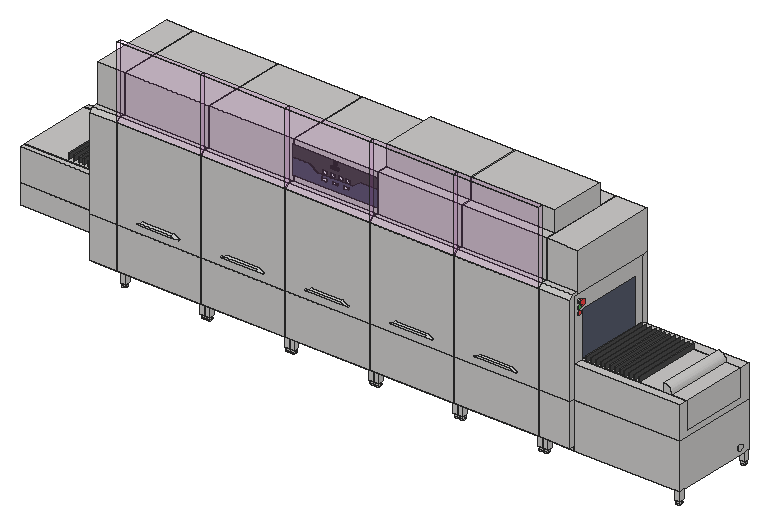
Revit family "QF_ELECTROLUXPROFESSIONAL_520123_EFTD082EL2U2D1M5EL386", category Attrezzature speciali, Revit 2020
Family settings
  Quota connettore circolare = Usa diametro
  Tipo di parte = Normale
  Basato su piano di lavoro = No
  Sempre verticale = Sì
  Taglio con vuoti quando caricato = No
  Condiviso = No
  Punto di calcolo locali = No
Parameters (values of type "Standard")
  Weight = 1381.00 kg
  Watts = 66700 W
  Volts = 380 V
  URL Manufacturer = "https://www.electroluxprofessional.com/"
  URL = "https://www.electroluxprofessional.com/"
  Steam Supply Size = 0 mm
  Steam Supply Minimum Pressure = 0.0 Pa
  Steam Supply Maximum Pressure = 0.0 Pa
  Steam Consumption per Hour = 0
  Show Logo [instance] = yes
  Show Clearance [instance] = yes
  Refrigeration Suction Line Size = 0 mm
  Refrigeration Liquid Line Size = 0 mm
  Refrigerant Compressor Remote = yes
  Prospetto di default = 0 mm
  Produttore = "Electrolux Professional"
  Phase = 3
  Modello = "EFTD082EL2U2D1M5EL386"
  Length Actual = 6250 mm  # constant formula
  Item Number = "520123"
  Hot Water Size = 0 mm
  Height Actual = 1983 mm  # constant formula
  HP = "89.4 HP"
  Gas Size = 0 mm
  Gas KW = 0
  Gas Input Pressure = 0 W
  Direct Waste Size = 50.8 mm
  Descrizione = "FT, 3TANKS, 8200D/H, EL., 950MM LOADING, 1300MM UNLOADING, 1DRYER, 55MM CONVEYOR,ESD,L>R,380V60HZ3P"
  Depth Actual = 946 mm  # constant formula
  Cycle = 60 Hz
  Condensate Return Size = 0 mm
  Compressed Air Volume = 0.0 L/s
  Compressed Air Size = 0 mm
  Compressed Air Pressure = 0.0 Pa
  Cold Water Size = 0 mm
  Accessory = yes
Reference planes
  plane 1 "Centro (Fronte/Retro)": y = 0
  plane 2: z = 0
  plane 3 "Centro (Sinistra/Destra)": x = 0
  plane 4: z = 115
Forms (mm)
  Extrusion 1, solid, material "QF_Finishes_Stainless Steel"
    sketch origin (2232.404, 2, 1806.023) x (1, 0, 0) y (0, 0, 1)
      loop
        line (407.596, -163.023) -> (407.596, -183.023) -> (427.596, -183.023) -> (427.596, -163.023) -> (407.596, -163.023)
    from 0 to 2
  Extrusion 2, solid, material "QF_Finishes_Stainless Steel"
    sketch origin (6255.617, -934.464, 1290.159) x (0, 0, -1) y (0, -1, 0)
      loop
        circle (1102.159, -772.464) r 25
    from -9.383 to 5.617
  Extrusion 3, solid, material "QF_Finishes_Stainless Steel"
    sketch origin (2892.404, 2, 337.984) x (1, 0, 0) y (0, 0, 1)
      loop
        line (407.596, -163.023) -> (407.596, -183.023) -> (427.596, -183.023) -> (427.596, -163.023) -> (407.596, -163.023)
    from 0 to 2
  Extrusion 4, solid, material "QF_Finishes_Stainless Steel"
    sketch origin (2697.841, 200.464, 109.383) x (1, 0, 0) y (0, 1, 0)
      loop
        circle (1102.159, -772.464) r 10
    from -9.383 to 5.617
Dimensions and locks
  plane 4 to level = 115 mm
  aligned and locked: level to plane 2
Nested families
  nested 1: "MODULO_CENTER_800_FAN" at (3733.563, -388.258, 0), Show Clearance <- "Show Clearance", type "MODULO_CENTER_800_FAN"
    with Show Logo yes, Show Clearance yes, R_L no, L_R yes
  nested 2: "MODULO_CENTER_800_FAN" at (4533.563, -388.258, 0), Show Clearance <- "Show Clearance", type "MODULO_CENTER_800_FAN"
    with Show Logo yes, Show Clearance yes, R_L no, L_R yes
  nested 3: "MODULO_CENTER_800" at (2933.563, -388.258, 0), Show Clearance <- "Show Clearance", type "MODULO_CENTER_800"
    with Show Logo yes, Show Clearance yes, R_L no, L_R yes
  nested 4: "MODULO_ENTRY_DISH_950" at (558.563, -388.258, 0), type "MODULO_ENTRY_DISH_950"
    with Show Logo yes, Show Clearance yes, R_L no, L_R yes
  nested 5: "MODULO_USCITA_DISH_1300" at (5308.563, -388.258, 0), type "MODULO_USCITA_DISH_1300"
    with Show Logo yes, Show Clearance yes, R_L yes, L_R no
  nested 6: "Piedino_Square_115H" at (6226.5, -73.5, 0) x (-1, 0, 0) z (0, 0, 1), type "Piedino_Square_115H"
  nested 7: "Piedino_Square_115H" at (6226.5, -838.5, 0) x (-1, 0, 0) z (0, 0, 1), type "Piedino_Square_115H"
  nested 8: "Piedino_Square_115H" at (4973.5, -73.5, 0) x (-1, 0, 0) z (0, 0, 1), type "Piedino_Square_115H"
  nested 9: "Piedino_Square_115H" at (4973.5, -838.5, 0) x (-1, 0, 0) z (0, 0, 1), type "Piedino_Square_115H"
  nested 10: "Piedino_Square_115H" at (3373.5, -838.5, 0), type "Piedino_Square_115H"
  nested 11: "Piedino_Square_115H" at (3373.5, -73.5, 0), type "Piedino_Square_115H"
  nested 12: "Piedino_Square_115H" at (4126.5, -838.5, 0), type "Piedino_Square_115H"
  nested 13: "Piedino_Square_115H" at (4126.5, -73.5, 0), type "Piedino_Square_115H"
  nested 14: "Piedino_Square_115H" at (4173.5, -838.5, 0) x (-1, 0, 0) z (0, 0, 1), type "Piedino_Square_115H"
  nested 15: "Piedino_Square_115H" at (4173.5, -73.5, 0) x (-1, 0, 0) z (0, 0, 1), type "Piedino_Square_115H"
  nested 16: "Piedino_Square_115H" at (4926.5, -838.5, 0) x (-1, 0, 0) z (0, 0, 1), type "Piedino_Square_115H"
  nested 17: "Piedino_Square_115H" at (4926.5, -73.5, 0) x (-1, 0, 0) z (0, 0, 1), type "Piedino_Square_115H"
  nested 18: "Piedino_Square_115H" at (2573.5, -838.5, 0), type "Piedino_Square_115H"
  nested 19: "Piedino_Square_115H" at (2573.5, -73.5, 0), type "Piedino_Square_115H"
  nested 20: "Piedino_Square_115H" at (3326.5, -838.5, 0), type "Piedino_Square_115H"
  nested 21: "Piedino_Square_115H" at (3326.5, -73.5, 0), type "Piedino_Square_115H"
  nested 22: "MANIGLIA_FLIGHT_400" at (2950, -912, 639.28) x (1, 0, 0) z (0, -1, 0), type "MANIGLIA_FLIGHT_400"
  nested 23: "MANIGLIA_FLIGHT_400" at (4550, -912, 639.28) x (1, 0, 0) z (0, -1, 0), type "MANIGLIA_FLIGHT_400"
  nested 24: "MANIGLIA_FLIGHT_400" at (3750, -912, 639.28) x (1, 0, 0) z (0, -1, 0), type "MANIGLIA_FLIGHT_400"
  nested 25: "MODULO_CENTER_800" at (2166.437, -388.258, 0) x (-1, 0, 0) z (0, 0, 1), Show Clearance <- "Show Clearance", type "MODULO_CENTER_800"
    with Show Logo yes, Show Clearance yes, R_L no, L_R yes
  nested 26: "Piedino_Square_115H" at (2526.5, -838.5, 0) x (-1, 0, 0) z (0, 0, 1), type "Piedino_Square_115H"
  nested 27: "Piedino_Square_115H" at (2526.5, -73.5, 0) x (-1, 0, 0) z (0, 0, 1), type "Piedino_Square_115H"
  nested 28: "Piedino_Square_115H" at (1773.5, -838.5, 0) x (-1, 0, 0) z (0, 0, 1), type "Piedino_Square_115H"
  nested 29: "Piedino_Square_115H" at (1773.5, -73.5, 0) x (-1, 0, 0) z (0, 0, 1), type "Piedino_Square_115H"
  nested 30: "MANIGLIA_FLIGHT_400" at (2150, -912, 639.28) x (-1, 0, 0) z (0, -1, 0), type "MANIGLIA_FLIGHT_400"
  nested 31: "MODULO_CENTER_800" at (1333.563, -388.258, 0), Show Clearance <- "Show Clearance", type "MODULO_CENTER_800"
    with Show Logo yes, Show Clearance yes, R_L no, L_R yes
  nested 32: "Piedino_Square_115H" at (973.5, -838.5, 0), type "Piedino_Square_115H"
  nested 33: "Piedino_Square_115H" at (973.5, -73.5, 0), type "Piedino_Square_115H"
  nested 34: "Piedino_Square_115H" at (1726.5, -838.5, 0), type "Piedino_Square_115H"
  nested 35: "Piedino_Square_115H" at (1726.5, -73.5, 0), type "Piedino_Square_115H"
  nested 36: "MANIGLIA_FLIGHT_400" at (1350, -912, 639.28) x (1, 0, 0) z (0, -1, 0), type "MANIGLIA_FLIGHT_400"
  nested 37: "Schermo_Flight_800" at (2950, -815, 1593.033) x (1, 0, 0) z (0, -1, 0), type "Schermo_Flight_800"
  nested 38: "ELX_LOGO_WORDS_WHITE" at (2950, -816.6, 1683.033) x (1, 0, 0) z (0, -1, 0), Show Logo <- "Show Logo", visible <- "Show Logo", type "ELX_LOGO_WORDS_WHITE"
    with Show Logo yes
  nested 39: "ELX_LOGO_MONO_SMALL_WHITE" at (2940.08, -816.6, 1669.033) x (-1, 0, 0) z (0, -1, 0), Show Logo <- "Show Logo", visible <- "Show Logo", type "ELX_LOGO_MONO_SMALL_WHITE"
    with Show Logo yes
Connectors
  electrical at (2650, 2, 1633)
    settings: on Extrusion 1, index 69, voltage 0 V, apparent load 0 VA, apparent load phase1 0 VA, apparent load phase2 0 VA, apparent load phase3 0 VA, power factor 1, load classification "Altro", number of poles 1, system type 30, power factor state 1, is connector primary yes, connector utility no, sub classification motor no, connector description "EI"
  piping at (6265, -162, 188), diameter 50
    settings: on Extrusion 2, index 70, connector inside diameter 609.6 mm, connector length 0 mm, flow factor 0, pipe flow 0.0 L/s, pressure drop 0.0 Pa, fitting loss kfactor 0, connector angle 0.00°, fixture units 0, engagement length 0 mm, angle of deflection 0.00°, flow configuration 0, flow direction 0, fitting loss method 0, system type 29, joint type 0, gender type 0, connector reference index -1, connector utility 0, adjustable connector no, is connector primary yes, connector description "D"
  electrical at (3310, 2, 164.961)
    settings: on Extrusion 3, index 71, voltage 0 V, apparent load 0 VA, apparent load phase1 0 VA, apparent load phase2 0 VA, apparent load phase3 0 VA, power factor 1, load classification "Altro", number of poles 1, system type 30, power factor state 1, is connector primary no, connector utility no, sub classification motor no, connector description "EQ"
  piping at (3800, -572, 100), diameter 19.1
    settings: on Extrusion 4, index 72, connector inside diameter 609.6 mm, connector length 0 mm, flow factor 0, pipe flow 0.0 L/s, pressure drop 0.0 Pa, fitting loss kfactor 0, connector angle 0.00°, fixture units 0, engagement length 0 mm, angle of deflection 0.00°, flow configuration 0, flow direction 0, fitting loss method 0, system type 29, joint type 0, gender type 0, connector reference index -1, connector utility 0, adjustable connector no, is connector primary no, connector description "HWI/CWI"
Definition of nested family "MODULO_CENTER_800_FAN"
  Parameters (values of type "MODULO_CENTER_800_FAN")
    URL = "http://professional.electrolux.com"
    Show Logo [instance] = yes
    R_L [instance] = not(L_R)  # no
    Default Elevation = 0 mm
    Manufacturer = "Electrolux"
    Model = "ESR10E5"
    Length Actual = 800 mm
    Show Clearance [instance] = yes
    L_R [instance] = yes
    Height Actual = 1792 mm
    Description = "SINGLE RINSE RT, 100R/H, ELECTRIC 50HZ"
    Depth Actual = 912 mm
  Reference planes
    plane 1 "Center X": y = -67.742
    plane 2: z = 0
    plane 3 "LEFT": x = -383.563
    plane 4 "RIGHT": x = 416.437
    plane 5 "BACK": y = 388.258
    plane 6 "FEET": z = 115
    plane 7: z = 2092
    plane 8 "TOP": z = 1792
    plane 9 "FRONT": y = -523.742
    plane 10 "Left/Right": x = 16.437
    plane 11 "TopVent": z = 1983
  Forms (mm)
    Extrusion 1, solid
      sketch origin (416.437, 479.936, 4000) x (0, 1, 0) y (0, 0, 1)
        loop
          line (-91.678, -2208) -> (-906.678, -2208) -> (-906.678, -2580) -> (-91.678, -2580) -> (-91.678, -2208)
      from -800 to 0
    Extrusion 2, solid
      sketch origin (-383.563, 437.565, 3910) x (0, 1, 0) y (0, 0, 1)
        loop
          line (-99.307, -2490) -> (-911.307, -2490) -> (-911.307, -3552) -> (-99.307, -3552) -> (-99.307, -2490)
      from 800 to 0
    Extrusion 3, solid
      sketch origin (416.437, 479.936, 4299) x (0, 1, 0) y (0, 0, 1)
        loop
          line (-278.21, -2316) -> (-803.678, -2316) -> (-803.678, -2507) -> (-278.21, -2507) -> (-278.21, -2316)
      from -800 to 0
    Extrusion 4, solid
      sketch origin (16.437, 0, 1.5) x (0, 0, 1) y (0, -1, 0)
        loop
          line (356.5, -338.258) -> (356.5, 473.742) -> (113.5, 473.742) -> (113.5, -338.258) -> (356.5, -338.258)
      from 400 to -400
    Extrusion 5, solid
      sketch origin (16.437, 0, 0) x (0, 0, 1) y (0, -1, 0)
        loop
          line (1420, -338.258) -> (545, -338.258) -> (545, -388.258) -> (1420, -388.258) -> (1420, -338.258)
      from -400 to 400
    Extrusion 6, solid
      sketch origin (16.437, 0, 0) x (0, 0, 1) y (0, -1, 0)
        loop
          line (545, -388.258) -> (545, -338.258) -> (154, -338.258) -> (154, -388.258) -> (545, -388.258)
      from -400 to 400
    Extrusion 7, solid
      sketch origin (16.437, -882.484, -150) x (0, -1, 0) y (0, 0, 1)
        loop
          line (-358.742, 304) -> (-358.742, 695) -> (-408.742, 695) -> (-408.742, 304) -> (-358.742, 304)
      from -400 to 400
    Extrusion 8, solid
      sketch origin (16.437, -882.484, -151) x (0, -1, 0) y (0, 0, 1)
        loop
          line (-408.742, 1571) -> (-408.742, 696) -> (-358.742, 696) -> (-358.742, 1556) -> (-395.742, 1593) -> (-443.742, 1593) -> (-443.742, 1571) -> (-408.742, 1571)
      from -400 to 400
    Extrusion 9, solid, visible <- "Show Clearance"
      sketch origin (16.437, -882.484, 452) x (0, -1, 0) y (0, 0, 1)
        loop
          line (-408.742, 1640) -> (-408.742, 953.624) -> (-358.742, 953.624) -> (-358.742, 1640) -> (-408.742, 1640)
      from -400 to 400
  Dimensions and locks
    plane 3 "LEFT" to plane 4 "RIGHT" = 800 mm
    plane 5 "BACK" to plane 1 "Center X" to plane 9 "FRONT" = 456 mm, 456 mm
    plane 6 "FEET" to level = 115 mm  (x2)
    plane 6 "FEET" to plane 8 "TOP" = 1677 mm
    plane 5 "BACK" to plane 9 "FRONT" = 912 mm  (x2)
    plane 4 "RIGHT" to plane 3 "LEFT" = 800 mm
    plane 9 "FRONT" to plane 5 "BACK" = 912 mm
    level to plane 8 "TOP" = 1792 mm  (x2)
    plane 7 to level = 2092 mm
    plane 11 "TopVent" to plane 2 = 1983 mm
    plane 7 to plane 2 = 2092 mm
    Extrusion 2 to level = 1420 mm
    Extrusion 8 to level = 1442 mm
    plane 11 "TopVent" to level = 1983 mm
    aligned and locked: level to plane 2
Definition of nested family "MODULO_CENTER_800"
  Parameters (values of type "MODULO_CENTER_800")
    URL = "http://professional.electrolux.com"
    Show Logo [instance] = yes
    R_L [instance] = not(L_R)  # no
    Default Elevation = 0 mm
    Manufacturer = "Electrolux"
    Model = "ESR10E5"
    Length Actual = 800 mm
    Show Clearance [instance] = yes
    L_R [instance] = yes
    Height Actual = 1792 mm
    Description = "SINGLE RINSE RT, 100R/H, ELECTRIC 50HZ"
    Depth Actual = 912 mm
  Reference planes
    plane 1 "Center X": y = -67.742
    plane 2: z = 0
    plane 3 "LEFT": x = -383.563
    plane 4 "RIGHT": x = 416.437
    plane 5 "BACK": y = 388.258
    plane 6 "FEET": z = 115
    plane 7: z = 2092
    plane 8 "TOP": z = 1792
    plane 9 "FRONT": y = -523.742
    plane 10 "Left/Right": x = 16.437
  Forms (mm)
    Extrusion 1, solid
      sketch origin (416.437, 479.936, 4000) x (0, 1, 0) y (0, 0, 1)
        loop
          line (-91.678, -2208) -> (-906.678, -2208) -> (-906.678, -2580) -> (-91.678, -2580) -> (-91.678, -2208)
      from -800 to 0
    Extrusion 2, solid
      sketch origin (-383.563, 437.565, 3915) x (0, 1, 0) y (0, 0, 1)
        loop
          line (-99.307, -2495) -> (-911.307, -2495) -> (-911.307, -3557) -> (-99.307, -3557) -> (-99.307, -2495)
      from 800 to 0
    Extrusion 3, solid
      sketch origin (16.437, 0, 1.5) x (0, 0, 1) y (0, -1, 0)
        loop
          line (356.5, -338.258) -> (356.5, 473.742) -> (113.5, 473.742) -> (113.5, -338.258) -> (356.5, -338.258)
      from 400 to -400
    Extrusion 4, solid
      sketch origin (16.437, 0, 0) x (0, 0, 1) y (0, -1, 0)
        loop
          line (1420, -338.258) -> (545, -338.258) -> (545, -388.258) -> (1420, -388.258) -> (1420, -338.258)
      from -400 to 400
    Extrusion 5, solid
      sketch origin (16.437, 0, 0) x (0, 0, 1) y (0, -1, 0)
        loop
          line (545, -388.258) -> (545, -338.258) -> (154, -338.258) -> (154, -388.258) -> (545, -388.258)
      from -400 to 400
    Extrusion 6, solid
      sketch origin (16.437, -882.484, -150) x (0, -1, 0) y (0, 0, 1)
        loop
          line (-358.742, 304) -> (-358.742, 695) -> (-408.742, 695) -> (-408.742, 304) -> (-358.742, 304)
      from -400 to 400
    Extrusion 7, solid
      sketch origin (16.437, -882.484, -151) x (0, -1, 0) y (0, 0, 1)
        loop
          line (-408.742, 1571) -> (-408.742, 696) -> (-358.742, 696) -> (-358.742, 1556) -> (-395.742, 1593) -> (-443.742, 1593) -> (-443.742, 1571) -> (-408.742, 1571)
      from -400 to 400
    Extrusion 8, solid, visible <- "Show Clearance"
      sketch origin (16.437, -882.484, 452) x (0, -1, 0) y (0, 0, 1)
        loop
          line (-408.742, 1640) -> (-408.742, 953.624) -> (-358.742, 953.624) -> (-358.742, 1640) -> (-408.742, 1640)
      from -400 to 400
  Dimensions and locks
    plane 3 "LEFT" to plane 4 "RIGHT" = 800 mm
    plane 5 "BACK" to plane 1 "Center X" to plane 9 "FRONT" = 456 mm, 456 mm
    plane 6 "FEET" to level = 115 mm  (x2)
    plane 6 "FEET" to plane 8 "TOP" = 1677 mm
    plane 5 "BACK" to plane 9 "FRONT" = 912 mm  (x2)
    plane 4 "RIGHT" to plane 3 "LEFT" = 800 mm
    plane 9 "FRONT" to plane 5 "BACK" = 912 mm
    level to plane 8 "TOP" = 1792 mm  (x2)
    plane 7 to level = 2092 mm
    plane 7 to plane 2 = 2092 mm
    Extrusion 2 to level = 1420 mm
    Extrusion 7 to level = 1442 mm
    aligned and locked: level to plane 2
Definition of nested family "MODULO_ENTRY_DISH_950"
  Parameters (values of type "MODULO_ENTRY_DISH_950")
    URL = "http://professional.electrolux.com"
    Show Logo [instance] = yes
    R_L [instance] = not(L_R)  # no
    Default Elevation = 0 mm
    Manufacturer = "Electrolux"
    Model = "ESR10E5"
    Length Actual = 800 mm
    Show Clearance [instance] = yes
    L_R [instance] = yes
    Height Actual = 1792 mm
    Description = "SINGLE RINSE RT, 100R/H, ELECTRIC 50HZ"
    Depth Actual = 912 mm
  Reference planes
    plane 1 "Center (Front/Back)": y = -67.742
    plane 2: z = 0
    plane 3 "LEFT": x = -558.563
    plane 4 "RIGHT": x = 391.437
    plane 5 "BACK": y = 388.258
    plane 6 "FRONT": y = -523.742
    plane 7 "BUTTONS": y = -427.742
    plane 8: z = 115
    plane 9 "2": y = 292.258
  Forms (mm)
    Extrusion 1, solid, visible <- "L_R"
      sketch origin (391.437, 479.936, 4000) x (0, 1, 0) y (0, 0, 1)
        loop
          line (-91.678, -2208) -> (-906.678, -2208) -> (-906.678, -2580) -> (-91.678, -2580) -> (-91.678, -2208)
      from -250 to 0
    Extrusion 2, solid
      sketch origin (-358.563, 437.565, 3910) x (0, 1, 0) y (0, 0, 1)
        loop
          line (-99.307, -2490) -> (-911.307, -2490) -> (-911.307, -3552) -> (-99.307, -3552) -> (-99.307, -2490)
      from 750 to 500
    Extrusion 3, solid
      sketch origin (-558.563, 437.565, 3910) x (0, 1, 0) y (0, 0, 1)
        loop
          line (-99.307, -3365) -> (-99.307, -3060) -> (-149.307, -3060) -> (-149.307, -3315) -> (-861.307, -3315) -> (-861.307, -3060) -> (-911.307, -3060) -> (-911.307, -3365) -> (-99.307, -3365)
      from 700 to 0
    Extrusion 4, solid
      sketch origin (16.437, 0, -4.987) x (0, 0, 1) y (0, -1, 0)
        loop
          line (362.987, -338.258) -> (362.987, 473.742) -> (119.987, 473.742) -> (119.987, -338.258) -> (362.987, -338.258)
      from 375 to 125
    Extrusion 5, solid, visible <- "L_R"
      sketch origin (16.437, 0, 0) x (0, 0, 1) y (0, -1, 0)
        loop
          line (1420, -338.258) -> (545, -338.258) -> (545, -388.258) -> (1420, -388.258) -> (1420, -338.258)
      from 125 to 375
    Extrusion 6, solid
      sketch origin (16.437, 0, 0) x (0, 0, 1) y (0, -1, 0)
        loop
          line (545, -388.258) -> (545, -338.258) -> (154, -338.258) -> (154, -388.258) -> (545, -388.258)
      from 125 to 375
    Extrusion 7, solid
      sketch origin (-558.563, 437.565, 3607.258) x (0, 1, 0) y (0, 0, 1)
        loop
          line (-99.307, -3249.258) -> (-99.307, -3062.258) -> (-911.307, -3062.258) -> (-911.307, -3249.258) -> (-99.307, -3249.258)
      from 700 to 0
    Extrusion 8, solid
      sketch origin (-558.563, 437.565, 4000) x (0, 1, 0) y (0, 0, 1)
        loop
          line (-149.307, -3150) -> (-861.307, -3150) -> (-861.307, -3405) -> (-149.307, -3405) -> (-149.307, -3150)
      from 0 to 700
    Extrusion 9, solid
      sketch origin (266.437, -882.484, -150) x (0, -1, 0) y (0, 0, 1)
        loop
          line (-358.742, 304) -> (-358.742, 695) -> (-408.742, 695) -> (-408.742, 304) -> (-358.742, 304)
      from -125 to 125
    Extrusion 10, solid, visible <- "L_R"
      sketch origin (266.437, -882.484, -151) x (0, -1, 0) y (0, 0, 1)
        loop
          line (-408.742, 1571) -> (-408.742, 696) -> (-358.742, 696) -> (-358.742, 1556) -> (-395.742, 1593) -> (-443.742, 1593) -> (-443.742, 1571) -> (-408.742, 1571)
      from -125 to 125
    Extrusion 11, solid
      sketch origin (-358.563, 437.565, 4000) x (0, 1, 0) y (0, 0, 1)
        loop
          line (-199.307, -2725.701) -> (-811.307, -2725.701) -> (-811.307, -3137.701) -> (-199.307, -3137.701) -> (-199.307, -2725.701)
      from 495.458 to 500
    Extrusion 12, solid, visible <- "R_L"
      sketch origin (266.437, 747, -151) x (0, 1, 0) y (0, 0, -1)
        loop
          line (-408.742, -1571) -> (-443.742, -1571) -> (-443.742, -1593) -> (-395.742, -1593) -> (-358.742, -1556) -> (-358.742, -696) -> (-408.742, -696) -> (-408.742, -1571)
      from -125 to 125
    Extrusion 13, solid, visible <- "R_L"
      sketch origin (16.437, -135.484, 0) x (0, 0, 1) y (0, -1, 0)
        loop
          line (1420, 338.258) -> (1420, 388.258) -> (545, 388.258) -> (545, 338.258) -> (1420, 338.258)
      from 125 to 375
    Extrusion 14, solid, visible <- "R_L"
      sketch origin (391.437, -615.42, 4000) x (0, -1, 0) y (0, 0, -1)
        loop
          line (-91.678, 2208) -> (-91.678, 2580) -> (-906.678, 2580) -> (-906.678, 2208) -> (-91.678, 2208)
      from -250 to 0
    Extrusion 15, solid
      sketch origin (-191.477, -192.742, -3) x (-1, 0, 0) y (0, 0, 1)
        loop
          line (-26.676, 853) -> (-26.676, 898) -> (-36.676, 898) -> (-36.676, 853) -> (-26.676, 853)
      from -196 to 446
    Extrusion 16, solid
      sketch origin (-146.477, -192.742, -3) x (-1, 0, 0) y (0, 0, 1)
        loop
          line (-26.676, 853) -> (-26.676, 898) -> (-36.676, 898) -> (-36.676, 853) -> (-26.676, 853)
      from -196 to 446
    Extrusion 17, solid
      sketch origin (-101.477, -192.742, -3) x (-1, 0, 0) y (0, 0, 1)
        loop
          line (-26.676, 853) -> (-26.676, 898) -> (-36.676, 898) -> (-36.676, 853) -> (-26.676, 853)
      from -196 to 446
    Extrusion 18, solid
      sketch origin (-56.477, -192.742, -3) x (-1, 0, 0) y (0, 0, 1)
        loop
          line (-26.676, 853) -> (-26.676, 898) -> (-36.676, 898) -> (-36.676, 853) -> (-26.676, 853)
      from -196 to 446
    Extrusion 19, solid
      sketch origin (-11.477, -192.742, -3) x (-1, 0, 0) y (0, 0, 1)
        loop
          line (-26.676, 853) -> (-26.676, 898) -> (-36.676, 898) -> (-36.676, 853) -> (-26.676, 853)
      from -196 to 446
    Extrusion 20, solid
      sketch origin (33.523, -192.742, -3) x (-1, 0, 0) y (0, 0, 1)
        loop
          line (-26.676, 853) -> (-26.676, 898) -> (-36.676, 898) -> (-36.676, 853) -> (-26.676, 853)
      from -196 to 446
  Dimensions and locks
    plane 3 "LEFT" to plane 4 "RIGHT" = 950 mm
    plane 5 "BACK" to plane 1 "Center (Front/Back)" to plane 6 "FRONT" = 456 mm, 456 mm
    plane 5 "BACK" to plane 6 "FRONT" = 912 mm  (x2)
    plane 4 "RIGHT" to plane 3 "LEFT" = 950 mm  (x2)
    plane 6 "FRONT" to plane 5 "BACK" = 912 mm
    plane 8 to level = 115 mm
    Extrusion 1 to level = 1792 mm
    Extrusion 3 to level = 850 mm
    aligned and locked: level to plane 2
  Nested families
    nested 1: "BOTTONE_RED_STOP" at (141.437, -427.742, 1266.906) x (0, -1, 0) z (-1, 0, 0), visible <- "L_R", type "BOTTONE_RED_STOP"
    nested 2: "BOTTONE_EMERGENCY_STOP" at (141.437, -427.742, 1370) x (0, -1, 0) z (-1, 0, 0), visible <- "L_R", type "BOTTONE_EMERGENCY_STOP"
    nested 3: "BOTTONE_GREEN_START" at (141.437, -427.742, 1316.906) x (0, -1, 0) z (-1, 0, 0), visible <- "L_R", type "BOTTONE_GREEN_START"
    nested 4: "BOTTONE_RED_STOP" at (141.437, 292.258, 1267.906) x (0, 1, 0) z (-1, 0, 0), visible <- "R_L", type "BOTTONE_RED_STOP"
    nested 5: "BOTTONE_EMERGENCY_STOP" at (141.437, 292.258, 1371) x (0, 1, 0) z (-1, 0, 0), visible <- "R_L", type "BOTTONE_EMERGENCY_STOP"
    nested 6: "BOTTONE_GREEN_START" at (141.437, 292.258, 1317.906) x (0, 1, 0) z (-1, 0, 0), visible <- "R_L", type "BOTTONE_GREEN_START"
  Definition of nested family "BOTTONE_RED_STOP"
    Parameters (values of type "BOTTONE_RED_STOP")
      Default Elevation = 1219.2 mm
    Reference planes
      plane 1 "Centro (Fronte/Retro)": y = 0
      plane 2: z = 0
      plane 3 "Centro (Sinistra/Destra)": x = 0
    Forms (mm)
      Extrusion 1, solid
        sketch origin (0, 0, 0) x (1, 0, 0) y (0, 1, 0)
          loop
            line (-1219.2, 1219.2) -> (-1219.2, -1219.2) -> (1219.2, -1219.2) -> (1219.2, 1219.2) -> (-1219.2, 1219.2)
        from 0 to -304.8
      Extrusion 2, solid
        sketch origin (-367.513, 69.533, 15) x (-1, 0, 0) y (0, 1, 0)
          loop
            circle (-367.513, -69.533) r 15
        from 0 to 15
    Dimensions and locks
      aligned and locked: plane 2 to Extrusion 1
      aligned and locked: level to Extrusion 1
  Definition of nested family "BOTTONE_EMERGENCY_STOP"
    Parameters
      Default Elevation = 1219.2 mm
    Reference planes
      plane 1 "Centro (Fronte/Retro)": y = 0
      plane 2: z = 0
      plane 3 "Centro (Sinistra/Destra)": x = 0
    Forms (mm)
      Extrusion 1, solid
        sketch origin (0, 0, 0) x (1, 0, 0) y (0, 1, 0)
          loop
            line (-1219.2, 1219.2) -> (-1219.2, -1219.2) -> (1219.2, -1219.2) -> (1219.2, 1219.2) -> (-1219.2, 1219.2)
        from 0 to -304.8
      Extrusion 2, solid
        sketch origin (0, 0, 0) x (1, 0, 0) y (0, 1, 0)
          loop
            circle (0, 0) r 15
        from 0 to 20.273
      Blend 3, solid
        base sketch origin (-49.801, 0, 0) x (1, 0, 0) y (0, 1, 0)
          loop
            circle (49.801, 0) r 15
        top sketch origin (-49.801, 0, 0) x (1, 0, 0) y (0, 1, 0)
          loop
            circle (49.801, 0) r 25
        from 20.273 to 47.605
    Dimensions and locks
      aligned and locked: plane 2 to Extrusion 1
      aligned and locked: level to Extrusion 1
  Definition of nested family "BOTTONE_GREEN_START"
    Parameters (values of type "BOTTONE_GREEN_START")
      Default Elevation = 1219.2 mm
    Reference planes
      plane 1 "Centro (Fronte/Retro)": y = 0
      plane 2: z = 0
      plane 3 "Centro (Sinistra/Destra)": x = 0
    Forms (mm)
      Extrusion 1, solid
        sketch origin (0, 0, 0) x (1, 0, 0) y (0, 1, 0)
          loop
            line (-1219.2, 1219.2) -> (-1219.2, -1219.2) -> (1219.2, -1219.2) -> (1219.2, 1219.2) -> (-1219.2, 1219.2)
        from 0 to -304.8
      Extrusion 2, solid
        sketch origin (-367.513, 69.533, 15) x (-1, 0, 0) y (0, 1, 0)
          loop
            circle (-367.513, -69.533) r 15
        from 0 to 15
    Dimensions and locks
      aligned and locked: plane 2 to Extrusion 1
      aligned and locked: level to Extrusion 1
Definition of nested family "MODULO_USCITA_DISH_1300"
  Parameters (values of type "MODULO_USCITA_DISH_1300")
    URL = "http://professional.electrolux.com"
    Show Logo [instance] = yes
    R_L [instance] = not(L_R)  # yes
    Default Elevation = 0 mm
    Manufacturer = "Electrolux"
    Model = "ESR10E5"
    Length Actual = 800 mm
    Show Clearance [instance] = yes
    L_R [instance] = no
    Height Actual = 1792 mm
    Description = "SINGLE RINSE RT, 100R/H, ELECTRIC 50HZ"
    Depth Actual = 912 mm
  Reference planes
    plane 1 "Center (Front/Back)": y = -67.742
    plane 2: z = 0
    plane 3 "LEFT": x = -358.563
    plane 4 "BACK": y = 388.258
    plane 5 "FEET": z = 115
    plane 6 "TOP": z = 1792
    plane 7 "FRONT": y = -523.742
    plane 8 "Left/Right": x = 16.437
    plane 9: x = -358.563
    plane 10: y = -427.742
    plane 11 "RIGHT": x = 941.437
  Forms (mm)
    Extrusion 1, solid, visible <- "R_L"
      sketch origin (-358.563, 479.936, 4003) x (0, 1, 0) y (0, 0, -1)
        loop
          line (-91.678, 2211) -> (-91.678, 2583) -> (-906.678, 2583) -> (-906.678, 2211) -> (-91.678, 2211)
      from -300 to 0
    Extrusion 2, solid
      sketch origin (-358.563, 437.565, 4003) x (0, 1, 0) y (0, 0, 1)
        loop
          line (-99.307, -3458) -> (-911.307, -3458) -> (-911.307, -3888) -> (-99.307, -3888) -> (-99.307, -3458)
      from 300 to 0
    Extrusion 3, solid
      sketch origin (-358.563, 479.936, 4003) x (0, 1, 0) y (0, 0, -1)
        loop
          line (-141.678, 2583) -> (-141.678, 3458) -> (-953.678, 3458) -> (-953.678, 2583) -> (-141.678, 2583)
      from -300 to 0
    Extrusion 4, solid
      sketch origin (391.437, 437.565, 3913) x (0, 1, 0) y (0, 0, -1)
        loop
          line (-99.307, 3368) -> (-911.307, 3368) -> (-911.307, 3063) -> (-826.307, 3063) -> (-826.307, 3318) -> (-184.307, 3318) -> (-184.307, 3063) -> (-99.307, 3063) -> (-99.307, 3368)
      from 450 to -550
    Extrusion 5, solid, visible <- "R_L"
      sketch origin (16.437, 0, 3) x (0, 0, 1) y (0, 1, 0)
        loop
          line (1417, 338.258) -> (1417, 388.258) -> (542, 388.258) -> (542, 338.258) -> (1417, 338.258)
      from 75 to 375
    Extrusion 6, solid
      sketch origin (16.437, 0, 3) x (0, 0, 1) y (0, 1, 0)
        loop
          line (542, 388.258) -> (151, 388.258) -> (151, 338.258) -> (542, 338.258) -> (542, 388.258)
      from 75 to 375
    Extrusion 7, solid
      sketch origin (391.437, 437.565, 3610.258) x (0, 1, 0) y (0, 0, -1)
        loop
          line (-99.307, 3495.258) -> (-911.307, 3495.258) -> (-911.307, 3065.258) -> (-99.307, 3065.258) -> (-99.307, 3495.258)
      from 450 to -550
    Extrusion 8, solid
      sketch origin (991.437, 0, 3) x (0, 1, 0) y (0, 0, 1)
        loop
          line (253.258, 847) -> (-388.742, 847) -> (-388.742, 592) -> (253.258, 592) -> (253.258, 847)
      from -50 to -1050
    Extrusion 9, solid
      sketch origin (-358.563, 437.565, 3928) x (0, 1, 0) y (0, 0, 1)
        loop
          line (-811.307, -3065.701) -> (-199.307, -3065.701) -> (-199.307, -2653.701) -> (-811.307, -2653.701) -> (-811.307, -3065.701)
      from 300 to 304.77
    Extrusion 10, solid
      sketch origin (-208.563, -115, -147) x (0, 1, 0) y (0, 0, 1)
        loop
          line (-358.742, 301) -> (-358.742, 692) -> (-408.742, 692) -> (-408.742, 301) -> (-358.742, 301)
      from -150 to 150
    Extrusion 11, solid, visible <- "R_L"
      sketch origin (-208.563, -882.484, -151) x (0, -1, 0) y (0, 0, 1)
        loop
          line (-408.742, 1571) -> (-408.742, 696) -> (-358.742, 696) -> (-358.742, 1556) -> (-395.742, 1593) -> (-443.742, 1593) -> (-443.742, 1571) -> (-408.742, 1571)
      from -150 to 150
    Extrusion 12, solid
      sketch origin (-39.574, -192.742, -3) x (-1, 0, 0) y (0, 0, 1)
        loop
          line (-26.676, 853) -> (-26.676, 898) -> (-36.676, 898) -> (-36.676, 853) -> (-26.676, 853)
      from -196 to 446
    Extrusion 13, solid
      sketch origin (5.426, -192.742, -3) x (-1, 0, 0) y (0, 0, 1)
        loop
          line (-26.676, 853) -> (-26.676, 898) -> (-36.676, 898) -> (-36.676, 853) -> (-26.676, 853)
      from -196 to 446
    Extrusion 14, solid
      sketch origin (50.426, -192.742, -3) x (-1, 0, 0) y (0, 0, 1)
        loop
          line (-26.676, 853) -> (-26.676, 898) -> (-36.676, 898) -> (-36.676, 853) -> (-26.676, 853)
      from -196 to 446
    Extrusion 15, solid
      sketch origin (95.426, -192.742, -3) x (-1, 0, 0) y (0, 0, 1)
        loop
          line (-26.676, 853) -> (-26.676, 898) -> (-36.676, 898) -> (-36.676, 853) -> (-26.676, 853)
      from -196 to 446
    Extrusion 16, solid
      sketch origin (140.426, -192.742, -3) x (-1, 0, 0) y (0, 0, 1)
        loop
          line (-26.676, 853) -> (-26.676, 898) -> (-36.676, 898) -> (-36.676, 853) -> (-26.676, 853)
      from -196 to 446
    Extrusion 17, solid
      sketch origin (185.426, -192.742, -3) x (-1, 0, 0) y (0, 0, 1)
        loop
          line (-26.676, 853) -> (-26.676, 898) -> (-36.676, 898) -> (-36.676, 853) -> (-26.676, 853)
      from -196 to 446
    Extrusion 18, solid
      sketch origin (230.426, -192.742, -3) x (-1, 0, 0) y (0, 0, 1)
        loop
          line (-26.676, 853) -> (-26.676, 898) -> (-36.676, 898) -> (-36.676, 853) -> (-26.676, 853)
      from -196 to 446
    Extrusion 19, solid
      sketch origin (275.426, -192.742, -3) x (-1, 0, 0) y (0, 0, 1)
        loop
          line (-26.676, 853) -> (-26.676, 898) -> (-36.676, 898) -> (-36.676, 853) -> (-26.676, 853)
      from -196 to 446
    Revolve 20, solid
      sketch origin (295, 0, 850) x (1, 0, 0) y (0, 1, 0)
        loop
          line (430.204, 253.258) -> (430.204, -388.742) -> (502.335, -388.742) -> (502.335, 253.258) -> (430.204, 253.258)
        axis (430.204, 253.258) -> (430.204, -388.742)
      angle from 0 to -90
    Extrusion 21, solid, visible <- "L_R"
      sketch origin (-208.563, 747, -151) x (0, 1, 0) y (0, 0, -1)
        loop
          line (-408.742, -1571) -> (-443.742, -1571) -> (-443.742, -1593) -> (-395.742, -1593) -> (-358.742, -1556) -> (-358.742, -696) -> (-408.742, -696) -> (-408.742, -1571)
      from -150 to 150
    Extrusion 22, solid, visible <- "L_R"
      sketch origin (16.437, -135.484, 3) x (0, 0, 1) y (0, 1, 0)
        loop
          line (1417, -338.258) -> (542, -338.258) -> (542, -388.258) -> (1417, -388.258) -> (1417, -338.258)
      from 75 to 375
    Extrusion 23, solid, visible <- "L_R"
      sketch origin (-358.563, -615.42, 4003) x (0, -1, 0) y (0, 0, 1)
        loop
          line (-91.678, -2211) -> (-906.678, -2211) -> (-906.678, -2583) -> (-91.678, -2583) -> (-91.678, -2211)
      from -300 to 0
    Extrusion 24, solid
      sketch origin (320.426, -192.742, -3) x (-1, 0, 0) y (0, 0, 1)
        loop
          line (-26.676, 853) -> (-26.676, 898) -> (-36.676, 898) -> (-36.676, 853) -> (-26.676, 853)
      from -196 to 446
    Extrusion 25, solid
      sketch origin (365.426, -192.742, -3) x (-1, 0, 0) y (0, 0, 1)
        loop
          line (-26.676, 853) -> (-26.676, 898) -> (-36.676, 898) -> (-36.676, 853) -> (-26.676, 853)
      from -196 to 446
    Extrusion 26, solid
      sketch origin (410.426, -192.742, -3) x (-1, 0, 0) y (0, 0, 1)
        loop
          line (-26.676, 853) -> (-26.676, 898) -> (-36.676, 898) -> (-36.676, 853) -> (-26.676, 853)
      from -196 to 446
    Extrusion 27, solid
      sketch origin (455.426, -192.742, -3) x (-1, 0, 0) y (0, 0, 1)
        loop
          line (-26.676, 853) -> (-26.676, 898) -> (-36.676, 898) -> (-36.676, 853) -> (-26.676, 853)
      from -196 to 446
  Dimensions and locks
    plane 4 "BACK" to plane 1 "Center (Front/Back)" to plane 7 "FRONT" = 456 mm, 456 mm
    plane 5 "FEET" to level = 115 mm  (x2)
    plane 4 "BACK" to plane 7 "FRONT" = 912 mm  (x2)
    plane 7 "FRONT" to plane 4 "BACK" = 912 mm
    level to plane 6 "TOP" = 1792 mm
    plane 3 "LEFT" to plane 8 "Left/Right" = 375 mm
    plane 8 "Left/Right" to plane 11 "RIGHT" = 925 mm
    plane 3 "LEFT" to plane 11 "RIGHT" = 1300 mm
    plane 9 to plane 11 "RIGHT" = 1300 mm
    plane 6 "TOP" to level = 1792 mm
    aligned and locked: level to plane 2
  Nested families
    nested 1: "BOTTONE_EMERGENCY_STOP" at (-58.563, -427.742, 1369) x (0, -1, 0) z (1, 0, 0), visible <- "R_L", type "BOTTONE_EMERGENCY_STOP"
    nested 2: "BOTTONE_GREEN_START" at (-58.563, -427.742, 1315.906) x (0, -1, 0) z (1, 0, 0), visible <- "R_L", type "BOTTONE_GREEN_START"
    nested 3: "BOTTONE_RED_STOP" at (-58.563, -427.742, 1265.906) x (0, -1, 0) z (1, 0, 0), visible <- "R_L", type "BOTTONE_RED_STOP"
    nested 4: "BOTTONE_EMERGENCY_STOP" at (-58.563, 292.258, 1369) x (0, 1, 0) z (1, 0, 0), visible <- "L_R", type "BOTTONE_EMERGENCY_STOP"
    nested 5: "BOTTONE_GREEN_START" at (-58.563, 292.258, 1315.906) x (0, 1, 0) z (1, 0, 0), visible <- "L_R", type "BOTTONE_GREEN_START"
    nested 6: "BOTTONE_RED_STOP" at (-58.563, 292.258, 1265.906) x (0, 1, 0) z (1, 0, 0), visible <- "L_R", type "BOTTONE_RED_STOP"
  Definition of nested family "BOTTONE_EMERGENCY_STOP"
    Parameters
      Default Elevation = 1219.2 mm
    Reference planes
      plane 1 "Centro (Fronte/Retro)": y = 0
      plane 2: z = 0
      plane 3 "Centro (Sinistra/Destra)": x = 0
    Forms (mm)
      Extrusion 1, solid
        sketch origin (0, 0, 0) x (1, 0, 0) y (0, 1, 0)
          loop
            line (-1219.2, 1219.2) -> (-1219.2, -1219.2) -> (1219.2, -1219.2) -> (1219.2, 1219.2) -> (-1219.2, 1219.2)
        from 0 to -304.8
      Extrusion 2, solid
        sketch origin (0, 0, 0) x (1, 0, 0) y (0, 1, 0)
          loop
            circle (0, 0) r 15
        from 0 to 20.273
      Blend 3, solid
        base sketch origin (-49.801, 0, 0) x (1, 0, 0) y (0, 1, 0)
          loop
            circle (49.801, 0) r 15
        top sketch origin (-49.801, 0, 0) x (1, 0, 0) y (0, 1, 0)
          loop
            circle (49.801, 0) r 25
        from 20.273 to 47.605
    Dimensions and locks
      aligned and locked: plane 2 to Extrusion 1
      aligned and locked: level to Extrusion 1
  Definition of nested family "BOTTONE_GREEN_START"
    Parameters (values of type "BOTTONE_GREEN_START")
      Default Elevation = 1219.2 mm
    Reference planes
      plane 1 "Centro (Fronte/Retro)": y = 0
      plane 2: z = 0
      plane 3 "Centro (Sinistra/Destra)": x = 0
    Forms (mm)
      Extrusion 1, solid
        sketch origin (0, 0, 0) x (1, 0, 0) y (0, 1, 0)
          loop
            line (-1219.2, 1219.2) -> (-1219.2, -1219.2) -> (1219.2, -1219.2) -> (1219.2, 1219.2) -> (-1219.2, 1219.2)
        from 0 to -304.8
      Extrusion 2, solid
        sketch origin (-367.513, 69.533, 15) x (-1, 0, 0) y (0, 1, 0)
          loop
            circle (-367.513, -69.533) r 15
        from 0 to 15
    Dimensions and locks
      aligned and locked: plane 2 to Extrusion 1
      aligned and locked: level to Extrusion 1
  Definition of nested family "BOTTONE_RED_STOP"
    Parameters (values of type "BOTTONE_RED_STOP")
      Default Elevation = 1219.2 mm
    Reference planes
      plane 1 "Centro (Fronte/Retro)": y = 0
      plane 2: z = 0
      plane 3 "Centro (Sinistra/Destra)": x = 0
    Forms (mm)
      Extrusion 1, solid
        sketch origin (0, 0, 0) x (1, 0, 0) y (0, 1, 0)
          loop
            line (-1219.2, 1219.2) -> (-1219.2, -1219.2) -> (1219.2, -1219.2) -> (1219.2, 1219.2) -> (-1219.2, 1219.2)
        from 0 to -304.8
      Extrusion 2, solid
        sketch origin (-367.513, 69.533, 15) x (-1, 0, 0) y (0, 1, 0)
          loop
            circle (-367.513, -69.533) r 15
        from 0 to 15
    Dimensions and locks
      aligned and locked: plane 2 to Extrusion 1
      aligned and locked: level to Extrusion 1
Definition of nested family "Piedino_Square_115H"
  Parameters (values of type "Piedino_Square_115H")
    Default Elevation = 0 mm
  Reference planes
    plane 1 "Centro (Fronte/Retro)": y = 0
    plane 2: z = 0
    plane 3 "Centro (Sinistra/Destra)": x = 0
    plane 4: z = 115
  Forms (mm)
    Extrusion 1, solid
      sketch origin (0, 0, 0) x (1, 0, 0) y (0, 1, 0)
        loop
          circle (0, 0) r 23
      from 0 to 5
    Extrusion 2, solid
      sketch origin (0, 0, 5) x (1, 0, 0) y (0, 1, 0)
        loop
          circle (0, 0) r 20
      from 0 to 25.777
    Extrusion 3, solid
      sketch origin (0, 0, 30.777) x (1, 0, 0) y (0, 1, 0)
        loop
          line (-23.5, 23.5) -> (-23.5, -23.5) -> (23.5, -23.5) -> (23.5, 23.5) -> (-23.5, 23.5)
      from 0 to 84.223
  Dimensions and locks
    plane 4 to level = 115 mm  (x2)
    radius of Extrusion 1 sketch curve = 23 mm
    aligned and locked: level to plane 2
    aligned and locked: Extrusion 1 to level
Definition of nested family "MANIGLIA_FLIGHT_400"
  Parameters
    Default Elevation = 1219.2 mm
  Reference planes
    plane 1 "Centro (Fronte/Retro)": y = 0
    plane 2: z = 0
    plane 3 "Centro (Sinistra/Destra)": x = 0
  Forms (mm)
    Extrusion 1, solid
      sketch origin (0, 0, 0) x (1, 0, 0) y (0, 1, 0)
        loop
          line (-1219.2, 1219.2) -> (-1219.2, -1219.2) -> (1219.2, -1219.2) -> (1219.2, 1219.2) -> (-1219.2, 1219.2)
      from 0 to -304.8
    Extrusion 2, solid
      sketch origin (-503, 656.113, -50) x (-1, 0, 0) y (0, 1, 0)
        loop
          line (-651.038, -638.613) -> (-703, -668.613) -> (-703, -673.613) -> (-658.503, -673.613) -> (-623.862, -653.613) -> (-382.138, -653.613) -> (-347.497, -673.613) -> (-303, -673.613) -> (-303, -668.613) -> (-354.962, -638.613) -> (-651.038, -638.613)
      from -86.258 to -50
    Extrusion 3, void
      sketch origin (0, -681.887, 358.742) x (0, 0, 1) y (0, 1, 0)
        loop
          line (-322.484, 684.387) -> (-353.281, 664.387) -> (-322.484, 664.387) -> (-322.484, 684.387)
      from -200 to 200
  Cuts and joins
    Extrusion 3 cuts Extrusion 2
  Dimensions and locks
    cut or joined group of Extrusion 2, Extrusion 3 to cut or joined group of Extrusion 2, Extrusion 3 = 400 mm
    cut or joined group of Extrusion 2, Extrusion 3 to cut or joined group of Extrusion 2, Extrusion 3 = 35 mm
    aligned and locked: plane 2 to Extrusion 1
    aligned and locked: level to Extrusion 1
Definition of nested family "Schermo_Flight_800"
  Parameters (values of type "Schermo_Flight_800")
    Default Elevation = 1219.2 mm
  Reference planes
    plane 1 "Center (Front/Back)": y = 0
    plane 2: z = 0
    plane 3 "Center (Left/Right)": x = 0
  Forms (mm)
    Extrusion 1, solid
      sketch origin (0, 0, 0) x (1, 0, 0) y (0, 1, 0)
        loop
          line (-1219.2, 1219.2) -> (-1219.2, -1219.2) -> (1219.2, -1219.2) -> (1219.2, 1219.2) -> (-1219.2, 1219.2)
      from 0 to -304.8
    Extrusion 2, solid
      sketch origin (0, -25, 0) x (1, 0, 0) y (0, 1, 0)
        loop
          line (-400, -82.94) -> (400, -82.94) -> (400, 70.507) -> (238.561, 70.507) -> (167.154, 20.507) -> (-167.154, 20.507) -> (-238.561, 70.507) -> (-400, 70.507) -> (-400, -82.94)
        loop
          line (-126.915, -7.668) -> (-126.915, -27.668) -> (-81.915, -27.668) -> (-81.915, -7.668) -> (-126.915, -7.668)
        loop
          line (-22.5, -7.668) -> (-22.5, -27.668) -> (22.5, -27.668) -> (22.5, -7.668) -> (-22.5, -7.668)
        loop
          line (126.915, -7.668) -> (81.915, -7.668) -> (81.915, -27.668) -> (126.915, -27.668) -> (126.915, -7.668)
      from 0 to 1.6
    Extrusion 3, solid
      sketch origin (0, -25, 0) x (1, 0, 0) y (0, 1, 0)
        loop
          line (-400, 177.06) -> (-400, 70.507) -> (-238.561, 70.507) -> (-167.154, 20.507) -> (167.154, 20.507) -> (238.561, 70.507) -> (400, 70.507) -> (400, 177.06) -> (-400, 177.06)
        loop
          line (-117.417, 56.68) -> (-117.417, 31.68) -> (-77.417, 31.68) -> (-77.417, 56.68) -> (-117.417, 56.68)
        loop
          line (-47.417, 56.68) -> (-47.417, 31.68) -> (-7.417, 31.68) -> (-7.417, 56.68) -> (-47.417, 56.68)
        loop
          line (27.583, 56.68) -> (27.583, 31.68) -> (67.583, 31.68) -> (67.583, 56.68) -> (27.583, 56.68)
        loop
          line (97.583, 56.68) -> (97.583, 31.68) -> (137.583, 31.68) -> (137.583, 56.68) -> (97.583, 56.68)
      from 0 to 1.6
    Extrusion 4, solid
      sketch origin (0, 0, 0) x (1, 0, 0) y (0, 1, 0)
        loop
          line (-117.417, 31.68) -> (-117.417, 6.68) -> (-77.417, 6.68) -> (-77.417, 31.68) -> (-117.417, 31.68)
        loop
          line (-47.417, 31.68) -> (-47.417, 6.68) -> (-7.417, 6.68) -> (-7.417, 31.68) -> (-47.417, 31.68)
        loop
          line (27.583, 31.68) -> (27.583, 6.68) -> (67.583, 6.68) -> (67.583, 31.68) -> (27.583, 31.68)
        loop
          line (97.583, 31.68) -> (97.583, 6.68) -> (137.583, 6.68) -> (137.583, 31.68) -> (97.583, 31.68)
        loop
          line (-126.915, -32.668) -> (-126.915, -52.668) -> (-81.915, -52.668) -> (-81.915, -32.668) -> (-126.915, -32.668)
        loop
          line (-22.5, -32.668) -> (-22.5, -52.668) -> (22.5, -52.668) -> (22.5, -32.668) -> (-22.5, -32.668)
        loop
          line (81.915, -32.668) -> (81.915, -52.668) -> (126.915, -52.668) -> (126.915, -32.668) -> (81.915, -32.668)
      from 0 to 1.6
  Dimensions and locks
    Extrusion 3 to Extrusion 3 = 800 mm
    Extrusion 2 to Extrusion 3 = 260 mm
    aligned and locked: plane 2 to Extrusion 1
    aligned and locked: level to Extrusion 1
Definition of nested family "ELX_LOGO_WORDS_WHITE"
  Parameters (values of type "ELX_LOGO_WORDS_WHITE")
    Show Logo [instance] = yes
    Default Elevation = 0 mm
  Reference planes
    plane 1 "Centro (Fronte/Retro)": y = 0
    plane 2: z = 0
    plane 3 "Centro (Sinistra/Destra)": x = 0
  Forms (mm)
    Extrusion 1, solid
      sketch origin (0, 0, 0) x (1, 0, 0) y (0, 1, 0)
        loop
          line (-1219.2, 1219.2) -> (-1219.2, -1219.2) -> (1219.2, -1219.2) -> (1219.2, 1219.2) -> (-1219.2, 1219.2)
      from 0 to -304.8
    Extrusion 2, solid, visible <- "Show Logo"
      sketch origin (0, 0, 0) x (1, 0, 0) y (0, 1, 0)
        loop
          line (-30.234, 10.561) -> (-37.67, 10.561) -> (-37.67, 1.902)
          arc (-37.67, 1.902) -> (-36.691, -0.461) -> (-34.329, -1.439) r 3.341
          line (-34.329, -1.439) -> (-30.09, -1.439) -> (-30.09, 0.503) -> (-33.845, 0.503)
          arc (-33.845, 0.503) -> (-35.079, 0.92) -> (-35.604, 2.112) r 1.615
          line (-35.604, 2.112) -> (-35.604, 3.829) -> (-30.555, 3.829) -> (-30.555, 5.779) -> (-35.604, 5.779) -> (-35.604, 8.617) -> (-30.234, 8.617) -> (-30.234, 10.561)
        loop
          line (-28.622, 10.561) -> (-28.622, -1.439) -> (-26.555, -1.439) -> (-26.555, 10.561) -> (-28.622, 10.561)
        loop
          line (16.27, 10.561) -> (16.27, -1.439) -> (18.338, -1.439) -> (18.338, 10.561) -> (16.27, 10.561)
        loop
          line (-23.137, 2.393) -> (-16.354, 2.393)
          arc (-16.354, 2.393) -> (-17.415, 6.119) -> (-21.043, 7.478) r 4.298
          arc (-21.043, 7.478) -> (-24.239, 5.857) -> (-25.151, 2.393) r 4.373
          arc (-25.151, 2.393) -> (-23.951, -0.505) -> (-21.053, -1.705) r 4.097
          arc (-21.053, -1.705) -> (-18.799, -1.372) -> (-16.908, -0.099) r 5.15
          line (-16.908, -0.099) -> (-18.133, 1.125)
          arc (-18.133, 1.125) -> (-19.74, 0.161) -> (-21.607, 0.323) r 3.039
          arc (-21.607, 0.323) -> (-22.746, 1.081) -> (-23.137, 2.393) r 2.013
        loop
          line (-23.085, 3.846) -> (-18.431, 3.846)
          arc (-18.431, 3.846) -> (-19.084, 5.22) -> (-20.519, 5.727) r 1.983
          arc (-20.519, 5.727) -> (-22.175, 5.295) -> (-23.085, 3.846) r 2.321
        loop
          line (-8.297, 4.711) -> (-6.999, 6.009)
          arc (-6.999, 6.009) -> (-8.627, 7.187) -> (-10.604, 7.539) r 4.497
          arc (-10.604, 7.539) -> (-13.621, 6.437) -> (-15.204, 3.642) r 4.652
          arc (-15.204, 3.642) -> (-12.536, -1.257) -> (-7.072, -0.127) r 4.684
          line (-7.072, -0.127) -> (-8.363, 1.163)
          arc (-8.363, 1.163) -> (-11.149, 0.242) -> (-13.145, 2.393) r 2.714
          arc (-13.145, 2.393) -> (-13.006, 4.094) -> (-11.835, 5.335) r 2.578
          arc (-11.835, 5.335) -> (-9.96, 5.621) -> (-8.297, 4.711) r 2.961
        loop
          line (-5.73, 10.561) -> (-5.73, 2.36)
          arc (-5.73, 2.36) -> (-5.551, 1.13) -> (-5.09, -0.025) r 5.301
          arc (-5.09, -0.025) -> (-3.615, -1.198) -> (-1.746, -1.445) r 3.531
          line (-1.746, -1.445) -> (-1.746, 0.492)
          arc (-1.746, 0.492) -> (-2.302, 0.534) -> (-2.82, 0.74) r 1.862
          arc (-2.82, 0.74) -> (-3.484, 1.442) -> (-3.662, 2.393) r 1.713
          line (-3.662, 2.393) -> (-3.662, 5.362) -> (-1.785, 5.362) -> (-1.785, 7.24) -> (-3.662, 7.24) -> (-3.662, 10.561) -> (-5.73, 10.561)
        loop
          arc (2.004, 3.123) -> (2.152, 3.988) -> (2.578, 4.755) r 2.607
          arc (2.578, 4.755) -> (3.817, 5.391) -> (5.208, 5.362) r 2.84
          line (5.208, 5.362) -> (5.208, 7.349)
          arc (5.208, 7.349) -> (3.39, 7.177) -> (2.004, 5.989) r 3.016
          line (2.004, 5.989) -> (2.004, 7.24) -> (-0.046, 7.24) -> (-0.046, -1.439) -> (2.004, -1.439) -> (2.004, 3.123)
        loop
          circle (10.262, 2.899) r 4.599
        loop
          circle (10.262, 2.899) r 2.787
        loop
          arc (25.793, 2.175) -> (25.283, 0.772) -> (23.898, 0.213) r 1.835
          arc (23.898, 0.213) -> (22.514, 0.772) -> (22.004, 2.175) r 1.835
          line (22.004, 2.175) -> (22.004, 7.24) -> (19.919, 7.24) -> (19.919, 2.003)
          arc (19.919, 2.003) -> (21.105, -0.701) -> (23.898, -1.659) r 3.675
          arc (23.898, -1.659) -> (26.723, -0.672) -> (27.877, 2.088) r 3.675
          line (27.877, 2.088) -> (27.877, 7.24) -> (25.793, 7.24) -> (25.793, 2.175)
        loop
          line (29.126, 7.24) -> (32.128, 3.164) -> (28.83, -1.442) -> (31.052, -1.442) -> (33.241, 1.615) -> (35.462, -1.442) -> (37.67, -1.442) -> (34.419, 3.211) -> (37.392, 7.24) -> (35.135, 7.24) -> (33.234, 4.663) -> (31.362, 7.24) -> (29.126, 7.24)
        loop
          line (-35.875, -6.414) -> (-37.523, -6.414) -> (-37.523, -10.564) -> (-36.621, -10.564) -> (-36.621, -9.135) -> (-35.625, -9.135)
          arc (-35.625, -9.135) -> (-34.509, -7.66) -> (-35.875, -6.414) r 1.372
        loop
          arc (-35.664, -8.32) -> (-35.322, -7.786) -> (-35.664, -7.253) r 0.587
          line (-35.664, -7.253) -> (-36.621, -7.253) -> (-36.621, -8.32) -> (-35.664, -8.32)
        loop
          line (-29.363, -6.414) -> (-31.04, -6.414) -> (-31.04, -10.564) -> (-30.138, -10.564) -> (-30.138, -9.135) -> (-29.265, -9.135) -> (-28.669, -10.564) -> (-27.7, -10.564) -> (-28.516, -8.814)
          arc (-28.516, -8.814) -> (-28.125, -8.347) -> (-27.994, -7.752) r 1.281
          arc (-27.994, -7.752) -> (-28.406, -6.804) -> (-29.363, -6.414) r 1.37
        loop
          line (-30.138, -7.253) -> (-30.138, -8.32) -> (-29.18, -8.32)
          arc (-29.18, -8.32) -> (-28.839, -7.786) -> (-29.18, -7.253) r 0.587
          line (-29.18, -7.253) -> (-30.138, -7.253)
        loop
          circle (-22.402, -8.489) r 2.156
        loop
          circle (-22.402, -8.489) r 1.368
        loop
          line (-16.703, -6.414) -> (-16.703, -10.564) -> (-15.823, -10.564) -> (-15.823, -9.114) -> (-14.261, -9.114) -> (-14.261, -8.184) -> (-15.823, -8.184) -> (-15.823, -7.308) -> (-14.111, -7.308) -> (-14.111, -6.414) -> (-16.703, -6.414)
        loop
          line (-10.611, -6.414) -> (-10.611, -9.216)
          arc (-10.611, -9.216) -> (-10.229, -10.166) -> (-9.284, -10.561) r 1.327
          line (-9.284, -10.561) -> (-7.945, -10.561) -> (-7.945, -9.777) -> (-9.204, -9.777)
          arc (-9.204, -9.777) -> (-9.668, -9.394) -> (-9.759, -8.799) r 0.845
          line (-9.759, -8.799) -> (-8.1, -8.799) -> (-8.1, -8.015) -> (-9.759, -8.015) -> (-9.759, -7.198) -> (-7.985, -7.198) -> (-7.985, -6.414) -> (-10.611, -6.414)
        loop
          arc (4.417, -6.94) -> (3.867, -6.489) -> (3.171, -6.345) r 1.485
          arc (3.171, -6.345) -> (2.528, -6.503) -> (2, -6.902) r 1.645
          arc (2, -6.902) -> (1.902, -7.844) -> (2.51, -8.571) r 1.217
          arc (2.51, -8.571) -> (3.021, -8.741) -> (3.506, -8.976) r 4.201
          arc (3.506, -8.976) -> (3.812, -9.337) -> (3.601, -9.761) r 0.43
          arc (3.601, -9.761) -> (3.209, -9.853) -> (2.819, -9.754) r 0.846
          arc (2.819, -9.754) -> (2.482, -9.511) -> (2.275, -9.15) r 0.983
          line (2.275, -9.15) -> (1.549, -9.489)
          arc (1.549, -9.489) -> (1.811, -9.993) -> (2.232, -10.374) r 1.595
          arc (2.232, -10.374) -> (2.71, -10.578) -> (3.227, -10.63) r 1.719
          arc (3.227, -10.63) -> (3.867, -10.503) -> (4.442, -10.197) r 2.246
          arc (4.442, -10.197) -> (4.697, -9.52) -> (4.566, -8.81) r 1.349
          arc (4.566, -8.81) -> (4.282, -8.482) -> (3.919, -8.245) r 1.564
          arc (3.919, -8.245) -> (3.46, -8.04) -> (2.99, -7.864) r 8.236
          arc (2.99, -7.864) -> (2.718, -7.441) -> (3.111, -7.128) r 0.375
          arc (3.111, -7.128) -> (3.581, -7.241) -> (3.943, -7.563) r 0.998
          line (3.943, -7.563) -> (4.417, -6.94)
        loop
          line (8.225, -6.414) -> (8.225, -10.561) -> (9.077, -10.561) -> (9.077, -6.414) -> (8.225, -6.414)
        loop
          circle (14.827, -8.488) r 1.29
        loop
          circle (14.827, -8.488) r 2.154
        loop
          line (20.548, -10.561) -> (21.409, -10.561) -> (21.409, -7.954) -> (23.306, -10.561) -> (24.135, -10.561) -> (24.135, -6.414) -> (23.274, -6.414) -> (23.274, -9.101) -> (21.377, -6.414) -> (20.548, -6.414) -> (20.548, -10.561)
        loop
          line (28.435, -10.561) -> (28.839, -9.667) -> (30.373, -9.667) -> (30.777, -10.561) -> (31.693, -10.561) -> (29.942, -6.414) -> (29.142, -6.414) -> (27.519, -10.561) -> (28.435, -10.561)
        loop
          line (29.99, -8.816) -> (29.579, -7.905) -> (29.18, -8.816) -> (29.99, -8.816)
        loop
          line (35.929, -9.777) -> (35.929, -6.414) -> (35.076, -6.414) -> (35.076, -10.561) -> (37.523, -10.561) -> (37.523, -9.777) -> (35.929, -9.777)
        loop
          arc (-1.8, -6.94) -> (-2.35, -6.489) -> (-3.046, -6.345) r 1.485
          arc (-3.046, -6.345) -> (-3.689, -6.503) -> (-4.218, -6.902) r 1.645
          arc (-4.218, -6.902) -> (-4.316, -7.844) -> (-3.708, -8.571) r 1.217
          arc (-3.708, -8.571) -> (-3.197, -8.741) -> (-2.712, -8.976) r 4.201
          arc (-2.712, -8.976) -> (-2.405, -9.337) -> (-2.616, -9.761) r 0.43
          arc (-2.616, -9.761) -> (-3.008, -9.853) -> (-3.399, -9.754) r 0.846
          arc (-3.399, -9.754) -> (-3.736, -9.511) -> (-3.942, -9.15) r 0.983
          line (-3.942, -9.15) -> (-4.668, -9.489)
          arc (-4.668, -9.489) -> (-4.407, -9.993) -> (-3.985, -10.374) r 1.595
          arc (-3.985, -10.374) -> (-3.507, -10.578) -> (-2.99, -10.63) r 1.719
          arc (-2.99, -10.63) -> (-2.351, -10.503) -> (-1.775, -10.197) r 2.246
          arc (-1.775, -10.197) -> (-1.521, -9.52) -> (-1.652, -8.81) r 1.349
          arc (-1.652, -8.81) -> (-1.936, -8.482) -> (-2.298, -8.245) r 1.564
          arc (-2.298, -8.245) -> (-2.757, -8.04) -> (-3.228, -7.864) r 8.236
          arc (-3.228, -7.864) -> (-3.5, -7.441) -> (-3.107, -7.128) r 0.375
          arc (-3.107, -7.128) -> (-2.636, -7.241) -> (-2.274, -7.563) r 0.998
          line (-2.274, -7.563) -> (-1.8, -6.94)
      from 0 to 1.644
  Dimensions and locks
    aligned and locked: plane 2 to Extrusion 1
    aligned and locked: level to Extrusion 1
Definition of nested family "ELX_LOGO_MONO_SMALL_WHITE"
  Parameters (values of type "ELX_LOGO_MONO_SMALL_WHITE")
    Show Logo [instance] = yes
    Default Elevation = 1219.2 mm
  Reference planes
    plane 1 "Center (Front/Back)": y = -49
    plane 2: z = 0
    plane 3 "Center (Left/Right)": x = -9.92
  Forms (mm)
    Extrusion 1, solid
      sketch origin (0, 0, 0) x (1, 0, 0) y (0, 1, 0)
        loop
          line (-1219.2, 1219.2) -> (-1219.2, -1219.2) -> (1219.2, -1219.2) -> (1219.2, 1219.2) -> (-1219.2, 1219.2)
      from 0 to -304.8
    Extrusion 2, solid, visible <- "Show Logo"
      sketch origin (84.462, 509.781, 0) x (1, 0, 0) y (0, 1, 0)
        loop
          line (-97.736, -569.727) -> (-97.736, -547.891)
          arc (-97.736, -547.891) -> (-105.808, -558.809) -> (-97.736, -569.727) r 11.42
        loop
          arc (-96.625, -569.727) -> (-87.544, -567.663) -> (-83.169, -559.442) r 11.191
          line (-83.169, -559.442) -> (-86.782, -559.442)
          arc (-86.782, -559.442) -> (-93.235, -562.062) -> (-96.625, -568.146) r 10.49
          line (-96.625, -568.146) -> (-96.625, -569.727)
        loop
          arc (-96.625, -549.472) -> (-93.235, -555.557) -> (-86.782, -558.176) r 10.49
          line (-86.782, -558.176) -> (-83.169, -558.176)
          arc (-83.169, -558.176) -> (-87.537, -549.888) -> (-96.625, -547.611) r 11.484
          line (-96.625, -547.611) -> (-96.625, -549.472)
        loop
          line (-82.34, -570.919) -> (-82.34, -546.65) -> (-106.642, -546.65) -> (-106.642, -570.919) -> (-82.34, -570.919)
      from 0 to 1.644
  Dimensions and locks
    aligned and locked: plane 2 to Extrusion 1
    aligned and locked: level to Extrusion 1
